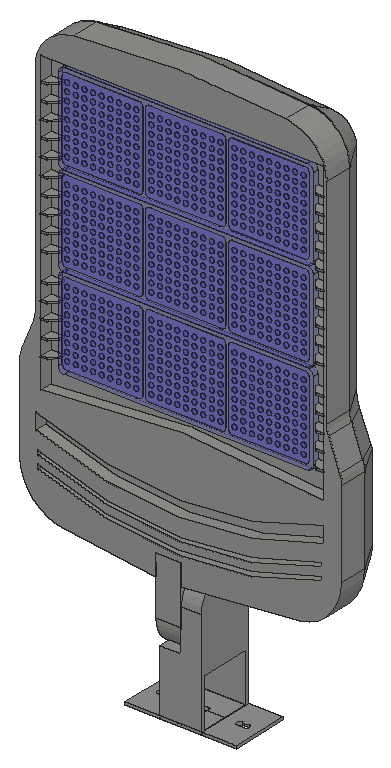
Revit family "VP-4-T", category Lighting Fixtures, host Face, Revit 2019 (continued)
Definition of nested family "SIZE4-T"
  Forms (in)
    Extrusion 49, solid, material <- "Glass"
      sketch origin (0.375, 0, -11.375) x (1, 0, 0) y (0, 0, 1)
        loop
          circle (-4.88455, 31.83694) r 0.15
        loop
          circle (-4.3658, 31.83694) r 0.15
        loop
          circle (-3.84705, 31.83694) r 0.15
        loop
          circle (-3.32831, 31.83694) r 0.15
        loop
          circle (-7.47829, 31.33694) r 0.15
        loop
          circle (-6.95955, 31.33694) r 0.15
        loop
          circle (-6.4408, 31.33694) r 0.15
        loop
          circle (-5.92205, 31.33694) r 0.15
        loop
          circle (-5.4033, 31.33694) r 0.15
        loop
          circle (-4.88455, 31.33694) r 0.15
        loop
          circle (-4.3658, 31.33694) r 0.15
        loop
          circle (-3.84705, 31.33694) r 0.15
        loop
          circle (-3.32831, 31.33694) r 0.15
        loop
          circle (-7.47829, 30.83694) r 0.15
        loop
          circle (-6.95955, 30.83694) r 0.15
        loop
          circle (-6.4408, 30.83694) r 0.15
        loop
          circle (-5.92205, 30.83694) r 0.15
        loop
          circle (-5.4033, 30.83694) r 0.15
        loop
          circle (-4.88455, 30.83694) r 0.15
        loop
          circle (-4.3658, 30.83694) r 0.15
        loop
          circle (-3.84705, 30.83694) r 0.15
        loop
          circle (-3.32831, 30.83694) r 0.15
        loop
          circle (-7.47829, 30.33694) r 0.15
        loop
          circle (-6.95955, 30.33694) r 0.15
        loop
          circle (-6.4408, 30.33694) r 0.15
        loop
          circle (-5.92205, 30.33694) r 0.15
        loop
          circle (-5.4033, 30.33694) r 0.15
        loop
          circle (-4.88455, 30.33694) r 0.15
        loop
          circle (-4.3658, 30.33694) r 0.15
        loop
          circle (-3.84705, 30.33694) r 0.15
        loop
          circle (-3.32831, 30.33694) r 0.15
        loop
          circle (-7.47829, 29.83694) r 0.15
        loop
          circle (-6.95955, 29.83694) r 0.15
        loop
          circle (-6.4408, 29.83694) r 0.15
        loop
          circle (-5.92205, 29.83694) r 0.15
        loop
          circle (-5.4033, 29.83694) r 0.15
        loop
          circle (-4.88455, 29.83694) r 0.15
        loop
          circle (-4.3658, 29.83694) r 0.15
        loop
          circle (-3.84705, 29.83694) r 0.15
        loop
          circle (-3.32831, 29.83694) r 0.15
        loop
          circle (-7.47829, 29.33694) r 0.15
        loop
          circle (-6.95955, 29.33694) r 0.15
        loop
          circle (-6.4408, 29.33694) r 0.15
        loop
          circle (-5.92205, 29.33694) r 0.15
        loop
          circle (-5.4033, 29.33694) r 0.15
        loop
          circle (-4.88455, 29.33694) r 0.15
        loop
          circle (-4.3658, 29.33694) r 0.15
        loop
          circle (-3.84705, 29.33694) r 0.15
        loop
          circle (-3.32831, 29.33694) r 0.15
        loop
          circle (-7.47829, 28.83694) r 0.15
        loop
          circle (-6.95955, 28.83694) r 0.15
        loop
          circle (-6.4408, 28.83694) r 0.15
        loop
          circle (-5.92205, 28.83694) r 0.15
        loop
          circle (-5.4033, 28.83694) r 0.15
        loop
          circle (-4.88455, 28.83694) r 0.15
        loop
          circle (-4.3658, 28.83694) r 0.15
        loop
          circle (-3.84705, 28.83694) r 0.15
        loop
          circle (-3.32831, 28.83694) r 0.15
        loop
          circle (-7.47829, 28.33694) r 0.15
        loop
          circle (-6.95955, 28.33694) r 0.15
        loop
          circle (-6.4408, 28.33694) r 0.15
        loop
          circle (-5.92205, 28.33694) r 0.15
        loop
          circle (-5.4033, 28.33694) r 0.15
        loop
          circle (-4.88455, 28.33694) r 0.15
        loop
          circle (-4.3658, 28.33694) r 0.15
        loop
          circle (-3.84705, 28.33694) r 0.15
        loop
          circle (-3.32831, 28.33694) r 0.15
      from 1.35 to 1.4
    Extrusion 50, solid, material <- "Glass"
      sketch origin (0, 0, -11.375) x (1, 0, 0) y (0, 0, 1)
        loop
          arc (-7.16655, 32.8409) -> (-7.34333, 32.76768) -> (-7.41655, 32.5909) r 0.25
          line (-7.41655, 32.5909) -> (-7.41655, 28.0909)
          arc (-7.41655, 28.0909) -> (-7.34333, 27.91412) -> (-7.16655, 27.8409) r 0.25
          line (-7.16655, 27.8409) -> (-2.81123, 27.8409)
          arc (-2.81123, 27.8409) -> (-2.63446, 27.91412) -> (-2.56123, 28.0909) r 0.25
          line (-2.56123, 28.0909) -> (-2.56123, 32.5909)
          arc (-2.56123, 32.5909) -> (-2.63446, 32.76768) -> (-2.81123, 32.8409) r 0.25
          line (-2.81123, 32.8409) -> (-7.16655, 32.8409)
      from 1.35 to 1.37213
    Extrusion 51, solid, material <- "Glass"
      sketch origin (-0.375, 0, -11.375) x (-1, 0, 0) y (0, 0, -1)
        loop
          circle (-7.47829, -32.33694) r 0.15
        loop
          circle (-6.95955, -32.33694) r 0.15
        loop
          circle (-6.4408, -32.33694) r 0.15
        loop
          circle (-5.92205, -32.33694) r 0.15
        loop
          circle (-5.4033, -32.33694) r 0.15
        loop
          circle (-4.88455, -32.33694) r 0.15
        loop
          circle (-4.3658, -32.33694) r 0.15
        loop
          circle (-3.84705, -32.33694) r 0.15
        loop
          circle (-3.32831, -32.33694) r 0.15
        loop
          circle (-7.47829, -31.83694) r 0.15
        loop
          circle (-6.95955, -31.83694) r 0.15
        loop
          circle (-6.4408, -31.83694) r 0.15
        loop
          circle (-5.92205, -31.83694) r 0.15
        loop
          circle (-5.4033, -31.83694) r 0.15
        loop
          circle (-4.88455, -31.83694) r 0.15
        loop
          circle (-4.3658, -31.83694) r 0.15
        loop
          circle (-3.84705, -31.83694) r 0.15
        loop
          circle (-3.32831, -31.83694) r 0.15
        loop
          circle (-7.47829, -31.33694) r 0.15
        loop
          circle (-6.95955, -31.33694) r 0.15
        loop
          circle (-6.4408, -31.33694) r 0.15
        loop
          circle (-5.92205, -31.33694) r 0.15
        loop
          circle (-5.4033, -31.33694) r 0.15
        loop
          circle (-4.88455, -31.33694) r 0.15
        loop
          circle (-4.3658, -31.33694) r 0.15
        loop
          circle (-3.84705, -31.33694) r 0.15
        loop
          circle (-3.32831, -31.33694) r 0.15
        loop
          circle (-7.47829, -30.83694) r 0.15
        loop
          circle (-6.95955, -30.83694) r 0.15
        loop
          circle (-6.4408, -30.83694) r 0.15
        loop
          circle (-5.92205, -30.83694) r 0.15
        loop
          circle (-5.4033, -30.83694) r 0.15
        loop
          circle (-4.88455, -30.83694) r 0.15
        loop
          circle (-4.3658, -30.83694) r 0.15
        loop
          circle (-3.84705, -30.83694) r 0.15
        loop
          circle (-3.32831, -30.83694) r 0.15
        loop
          circle (-7.47829, -30.33694) r 0.15
        loop
          circle (-6.95955, -30.33694) r 0.15
        loop
          circle (-6.4408, -30.33694) r 0.15
        loop
          circle (-5.92205, -30.33694) r 0.15
        loop
          circle (-5.4033, -30.33694) r 0.15
        loop
          circle (-4.88455, -30.33694) r 0.15
        loop
          circle (-4.3658, -30.33694) r 0.15
        loop
          circle (-3.84705, -30.33694) r 0.15
        loop
          circle (-3.32831, -30.33694) r 0.15
        loop
          circle (-7.47829, -29.83694) r 0.15
        loop
          circle (-6.95955, -29.83694) r 0.15
        loop
          circle (-6.4408, -29.83694) r 0.15
        loop
          circle (-5.92205, -29.83694) r 0.15
        loop
          circle (-5.4033, -29.83694) r 0.15
        loop
          circle (-4.88455, -29.83694) r 0.15
        loop
          circle (-4.3658, -29.83694) r 0.15
        loop
          circle (-3.84705, -29.83694) r 0.15
        loop
          circle (-3.32831, -29.83694) r 0.15
        loop
          circle (-7.47829, -29.33694) r 0.15
        loop
          circle (-6.95955, -29.33694) r 0.15
        loop
          circle (-6.4408, -29.33694) r 0.15
        loop
          circle (-5.92205, -29.33694) r 0.15
        loop
          circle (-5.4033, -29.33694) r 0.15
        loop
          circle (-4.88455, -29.33694) r 0.15
        loop
          circle (-4.3658, -29.33694) r 0.15
        loop
          circle (-3.84705, -29.33694) r 0.15
        loop
          circle (-3.32831, -29.33694) r 0.15
        loop
          circle (-7.47829, -28.83694) r 0.15
        loop
          circle (-6.95955, -28.83694) r 0.15
        loop
          circle (-6.4408, -28.83694) r 0.15
        loop
          circle (-5.92205, -28.83694) r 0.15
        loop
          circle (-5.4033, -28.83694) r 0.15
        loop
          circle (-4.88455, -28.83694) r 0.15
        loop
          circle (-4.3658, -28.83694) r 0.15
        loop
          circle (-3.84705, -28.83694) r 0.15
        loop
          circle (-3.32831, -28.83694) r 0.15
        loop
          circle (-7.47829, -28.33694) r 0.15
        loop
          circle (-6.95955, -28.33694) r 0.15
        loop
          circle (-6.4408, -28.33694) r 0.15
        loop
          circle (-5.92205, -28.33694) r 0.15
        loop
          circle (-5.4033, -28.33694) r 0.15
        loop
          circle (-4.88455, -28.33694) r 0.15
        loop
          circle (-4.3658, -28.33694) r 0.15
        loop
          circle (-3.84705, -28.33694) r 0.15
        loop
          circle (-3.32831, -28.33694) r 0.15
      from 1.35 to 1.4
    Extrusion 52, solid, material <- "Glass"
      sketch origin (0, 0, -11.375) x (-1, 0, 0) y (0, 0, -1)
        loop
          line (-7.16655, -32.8409) -> (-2.84181, -32.8409)
          arc (-2.84181, -32.8409) -> (-2.66504, -32.76768) -> (-2.59181, -32.5909) r 0.25
          line (-2.59181, -32.5909) -> (-2.59181, -28.0909)
          arc (-2.59181, -28.0909) -> (-2.66504, -27.91412) -> (-2.84181, -27.8409) r 0.25
          line (-2.84181, -27.8409) -> (-7.16655, -27.8409)
          arc (-7.16655, -27.8409) -> (-7.34333, -27.91412) -> (-7.41655, -28.0909) r 0.25
          line (-7.41655, -28.0909) -> (-7.41655, -32.5909)
          arc (-7.41655, -32.5909) -> (-7.34333, -32.76768) -> (-7.16655, -32.8409) r 0.25
      from 1.35 to 1.37213
    Extrusion 53, solid, material <- "Glass"
      sketch origin (-5.375, 0, -11.375) x (-1, 0, 0) y (0, 0, -1)
        loop
          circle (-7.47829, -32.33694) r 0.15
        loop
          circle (-6.95955, -32.33694) r 0.15
        loop
          circle (-6.4408, -32.33694) r 0.15
        loop
          circle (-5.92205, -32.33694) r 0.15
        loop
          circle (-5.4033, -32.33694) r 0.15
        loop
          circle (-4.88455, -32.33694) r 0.15
        loop
          circle (-4.3658, -32.33694) r 0.15
        loop
          circle (-3.84705, -32.33694) r 0.15
        loop
          circle (-3.32831, -32.33694) r 0.15
        loop
          circle (-7.47829, -31.83694) r 0.15
        loop
          circle (-6.95955, -31.83694) r 0.15
        loop
          circle (-6.4408, -31.83694) r 0.15
        loop
          circle (-5.92205, -31.83694) r 0.15
        loop
          circle (-5.4033, -31.83694) r 0.15
        loop
          circle (-4.88455, -31.83694) r 0.15
        loop
          circle (-4.3658, -31.83694) r 0.15
        loop
          circle (-3.84705, -31.83694) r 0.15
        loop
          circle (-3.32831, -31.83694) r 0.15
        loop
          circle (-7.47829, -31.33694) r 0.15
        loop
          circle (-6.95955, -31.33694) r 0.15
        loop
          circle (-6.4408, -31.33694) r 0.15
        loop
          circle (-5.92205, -31.33694) r 0.15
        loop
          circle (-5.4033, -31.33694) r 0.15
        loop
          circle (-4.88455, -31.33694) r 0.15
        loop
          circle (-4.3658, -31.33694) r 0.15
        loop
          circle (-3.84705, -31.33694) r 0.15
        loop
          circle (-3.32831, -31.33694) r 0.15
        loop
          circle (-7.47829, -30.83694) r 0.15
        loop
          circle (-6.95955, -30.83694) r 0.15
        loop
          circle (-6.4408, -30.83694) r 0.15
        loop
          circle (-5.92205, -30.83694) r 0.15
        loop
          circle (-5.4033, -30.83694) r 0.15
        loop
          circle (-4.88455, -30.83694) r 0.15
        loop
          circle (-4.3658, -30.83694) r 0.15
        loop
          circle (-3.84705, -30.83694) r 0.15
        loop
          circle (-3.32831, -30.83694) r 0.15
        loop
          circle (-7.47829, -30.33694) r 0.15
        loop
          circle (-6.95955, -30.33694) r 0.15
        loop
          circle (-6.4408, -30.33694) r 0.15
        loop
          circle (-5.92205, -30.33694) r 0.15
        loop
          circle (-5.4033, -30.33694) r 0.15
        loop
          circle (-4.88455, -30.33694) r 0.15
        loop
          circle (-4.3658, -30.33694) r 0.15
        loop
          circle (-3.84705, -30.33694) r 0.15
        loop
          circle (-3.32831, -30.33694) r 0.15
        loop
          circle (-7.47829, -29.83694) r 0.15
        loop
          circle (-6.95955, -29.83694) r 0.15
        loop
          circle (-6.4408, -29.83694) r 0.15
        loop
          circle (-5.92205, -29.83694) r 0.15
        loop
          circle (-5.4033, -29.83694) r 0.15
        loop
          circle (-4.88455, -29.83694) r 0.15
        loop
          circle (-4.3658, -29.83694) r 0.15
        loop
          circle (-3.84705, -29.83694) r 0.15
        loop
          circle (-3.32831, -29.83694) r 0.15
        loop
          circle (-7.47829, -29.33694) r 0.15
        loop
          circle (-6.95955, -29.33694) r 0.15
        loop
          circle (-6.4408, -29.33694) r 0.15
        loop
          circle (-5.92205, -29.33694) r 0.15
        loop
          circle (-5.4033, -29.33694) r 0.15
        loop
          circle (-4.88455, -29.33694) r 0.15
        loop
          circle (-4.3658, -29.33694) r 0.15
        loop
          circle (-3.84705, -29.33694) r 0.15
        loop
          circle (-3.32831, -29.33694) r 0.15
        loop
          circle (-7.47829, -28.83694) r 0.15
        loop
          circle (-6.95955, -28.83694) r 0.15
        loop
          circle (-6.4408, -28.83694) r 0.15
        loop
          circle (-5.92205, -28.83694) r 0.15
        loop
          circle (-5.4033, -28.83694) r 0.15
        loop
          circle (-4.88455, -28.83694) r 0.15
        loop
          circle (-4.3658, -28.83694) r 0.15
        loop
          circle (-3.84705, -28.83694) r 0.15
        loop
          circle (-3.32831, -28.83694) r 0.15
        loop
          circle (-7.47829, -28.33694) r 0.15
        loop
          circle (-6.95955, -28.33694) r 0.15
        loop
          circle (-6.4408, -28.33694) r 0.15
        loop
          circle (-5.92205, -28.33694) r 0.15
        loop
          circle (-5.4033, -28.33694) r 0.15
        loop
          circle (-4.88455, -28.33694) r 0.15
        loop
          circle (-4.3658, -28.33694) r 0.15
        loop
          circle (-3.84705, -28.33694) r 0.15
        loop
          circle (-3.32831, -28.33694) r 0.15
      from 1.35 to 1.4
    Extrusion 54, solid, material <- "Glass"
      sketch origin (-5, 0, -11.375) x (-1, 0, 0) y (0, 0, -1)
        loop
          line (-7.16655, -32.8409) -> (-2.84181, -32.8409)
          arc (-2.84181, -32.8409) -> (-2.66504, -32.76768) -> (-2.59181, -32.5909) r 0.25
          line (-2.59181, -32.5909) -> (-2.59181, -28.0909)
          arc (-2.59181, -28.0909) -> (-2.66504, -27.91412) -> (-2.84181, -27.8409) r 0.25
          line (-2.84181, -27.8409) -> (-7.16655, -27.8409)
          arc (-7.16655, -27.8409) -> (-7.34333, -27.91412) -> (-7.41655, -28.0909) r 0.25
          line (-7.41655, -28.0909) -> (-7.41655, -32.5909)
          arc (-7.41655, -32.5909) -> (-7.34333, -32.76768) -> (-7.16655, -32.8409) r 0.25
      from 1.35 to 1.37213
    Extrusion 55, solid, material <- "Fixture"
      sketch origin (0.125, 0, 2.5) x (1, 0, 0) y (0, 0, 1)
        loop
          arc (8.61601, 29.87811) -> (7.91353, 31.61742) -> (6.20018, 32.38102) r 2.50448
          arc (6.20018, 32.38102) -> (-0.18326, 32.81078) -> (-6.56625, 32.37421) r 47.24839
          arc (-6.56625, 32.37421) -> (-8.20342, 31.57512) -> (-8.86601, 29.87811) r 2.50448
          line (-8.86601, 29.87811) -> (-8.86601, 16.83541)
          arc (-8.86601, 16.83541) -> (-8.89448, 16.52871) -> (-8.97892, 16.2325) r 1.66606
          line (-8.97892, 16.2325) -> (-9.6766, 14.43524)
          arc (-9.6766, 14.43524) -> (-9.74427, 14.21755) -> (-9.78142, 13.99263) r 1.65645
          line (-9.78142, 13.99263) -> (-9.78142, 8.65741)
          arc (-9.78142, 8.65741) -> (-8.97209, 6.60779) -> (-6.98078, 5.66404) r 3
          arc (-6.98078, 5.66404) -> (0.01001, 4.99965) -> (7.00057, 5.66642) r 37.04471
          arc (7.00057, 5.66642) -> (8.81758, 6.67941) -> (9.53886, 8.63067) r 3
          line (9.53886, 8.63067) -> (9.53886, 13.83581)
          arc (9.53886, 13.83581) -> (9.51055, 14.14073) -> (9.4266, 14.43524) r 1.65645
          line (9.4266, 14.43524) -> (8.72892, 16.2325)
          arc (8.72892, 16.2325) -> (8.64448, 16.52871) -> (8.61601, 16.83541) r 1.66606
          line (8.61601, 16.83541) -> (8.61601, 29.87811)
      from 0 to 1.74
    Blend 56, solid, material <- "Fixture"
      base sketch origin (0, 0, 0) x (1, 0, 0) y (0, 0, 1)
        loop
          arc (-9.5516, 16.93524) -> (-9.61927, 16.71755) -> (-9.65642, 16.49263) r 1.65645
          line (-9.65642, 16.49263) -> (-9.65642, 11.15741)
          arc (-9.65642, 11.15741) -> (-8.84709, 9.10779) -> (-6.85578, 8.16404) r 3
          arc (-6.85578, 8.16404) -> (0.13501, 7.49965) -> (7.12557, 8.16642) r 37.04471
          arc (7.12557, 8.16642) -> (8.94258, 9.17941) -> (9.66386, 11.13067) r 3
          line (9.66386, 11.13067) -> (9.66386, 16.33581)
          arc (9.66386, 16.33581) -> (9.63555, 16.64073) -> (9.5516, 16.93524) r 1.65645
          line (9.5516, 16.93524) -> (8.85392, 18.7325)
          arc (8.85392, 18.7325) -> (8.76948, 19.02871) -> (8.74101, 19.33541) r 1.66606
          line (8.74101, 19.33541) -> (8.74101, 32.37811)
          arc (8.74101, 32.37811) -> (8.03853, 34.11742) -> (6.32518, 34.88102) r 2.50448
          arc (6.32518, 34.88102) -> (-0.05826, 35.31078) -> (-6.44125, 34.87421) r 47.24839
          arc (-6.44125, 34.87421) -> (-8.07842, 34.07512) -> (-8.74101, 32.37811) r 2.50448
          line (-8.74101, 32.37811) -> (-8.74101, 19.33541)
          arc (-8.74101, 19.33541) -> (-8.76948, 19.02871) -> (-8.85392, 18.7325) r 1.66606
          line (-8.85392, 18.7325) -> (-9.5516, 16.93524)
      top sketch origin (0, 0, 0) x (1, 0, 0) y (0, 0, 1)
        loop
          line (-8.65642, 16.43436) -> (-8.65642, 11.15741)
          arc (-8.65642, 11.15741) -> (-8.09764, 9.77073) -> (-6.73353, 9.1589) r 2
          arc (-6.73353, 9.1589) -> (0.1108, 8.49965) -> (6.95577, 9.15209) r 36.04471
          arc (6.95577, 9.15209) -> (8.17777, 9.82373) -> (8.66386, 11.13067) r 2
          line (8.66386, 11.13067) -> (8.66386, 16.33581)
          arc (8.66386, 16.33581) -> (8.65264, 16.45665) -> (8.61937, 16.57336) r 0.65645
          line (8.61937, 16.57336) -> (7.9217, 18.37062)
          arc (7.9217, 18.37062) -> (7.78657, 18.84463) -> (7.74101, 19.33541) r 2.66606
          line (7.74101, 19.33541) -> (7.74101, 32.37811)
          arc (7.74101, 32.37811) -> (7.3037, 33.43858) -> (6.246, 33.88256) r 1.50448
          arc (6.246, 33.88256) -> (-0.04498, 34.31079) -> (-6.33575, 33.87932) r 46.24839
          arc (-6.33575, 33.87932) -> (-7.33487, 33.40626) -> (-7.74101, 32.37811) r 1.50448
          line (-7.74101, 32.37811) -> (-7.74101, 19.33541)
          arc (-7.74101, 19.33541) -> (-7.78657, 18.84463) -> (-7.9217, 18.37062) r 2.66606
          line (-7.9217, 18.37062) -> (-8.61937, 16.57336)
          arc (-8.61937, 16.57336) -> (-8.64172, 16.50488) -> (-8.65642, 16.43436) r 0.65645
      from 0 to -1.74
    Extrusion 57, solid, material <- "Fixture"
      sketch origin (0, 0, 0) x (0, 1, 0) y (0, 0, 1)
        loop
          line (1.74, 0) -> (1.74, 6.43918)
          arc (1.74, 6.43918) -> (0, 8.17918) -> (-1.74, 6.43918) r 1.74
          line (-1.74, 6.43918) -> (-1.74, 0) -> (1.74, 0)
      from -1.24 to 1.24
    Extrusion 58, solid, material <- "Fixture"
      sketch origin (0, 0, 0) x (0, 1, 0) y (0, 0, 1)
        loop
          line (1.74, 8.81429) -> (-1.74, 8.81429) -> (-1.74, 5.31429)
          arc (-1.74, 5.31429) -> (0, 3.57429) -> (1.74, 5.31429) r 1.74
          line (1.74, 5.31429) -> (1.74, 8.81429)
      from -1.5 to 0
    Extrusion 59, void
      sketch origin (0, 0, 0) x (1, 0, 0) y (0, 0, 1)
        loop
          line (-1.5, 8.3) -> (-1.5, 3.90812) -> (0, 3.90812) -> (0, 8.3) -> (-1.5, 8.3)
      from -1.84653 to 1.9488
    Extrusion 60, void
      sketch origin (0, 0, 0) x (0, 1, 0) y (0, 0, 1)
        loop
          line (1.58669, 3.10901) -> (0, 3.10901) -> (-1.58669, 3.10901) -> (-1.58669, 0.14528) -> (0, 0.14528) -> (1.58669, 0.14528) -> (1.58669, 3.10901)
      from -1.5 to 1.75
    Extrusion 61, solid, material <- "Fixture"
      sketch origin (0, 0, 0) x (1, 0, 0) y (0, 1, 0)
        loop
          line (-3.35412, 1.74) -> (-3.35412, -1.74) -> (0, -1.74) -> (3.35412, -1.74) -> (3.35412, 1.74) -> (0, 1.74) -> (-3.35412, 1.74)
        loop
          arc (-2.58546, 0.1829) -> (-2.78788, -0.01952) -> (-2.58546, -0.22194) r 0.20242
          line (-2.58546, -0.22194) -> (-2.19338, -0.22194)
          arc (-2.19338, -0.22194) -> (-1.99096, -0.01952) -> (-2.19338, 0.1829) r 0.20242
          line (-2.19338, 0.1829) -> (-2.58546, 0.1829)
        loop
          line (2.58546, 0.1829) -> (2.19338, 0.1829)
          arc (2.19338, 0.1829) -> (1.99096, -0.01952) -> (2.19338, -0.22194) r 0.20242
          line (2.19338, -0.22194) -> (2.58546, -0.22194)
          arc (2.58546, -0.22194) -> (2.78788, -0.01952) -> (2.58546, 0.1829) r 0.20242
        loop
          line (-1.24, 1.58669) -> (-1.24, -1.58669) -> (1.24, -1.58669) -> (1.24, 1.58669) -> (-1.24, 1.58669)
      from 0 to 0.14528
    Extrusion 62, void
      sketch origin (0, 0, 0) x (1, 0, 0) y (0, 1, 0)
        loop
          circle (0, 0) r 0.25
      from 0 to 1.75
  Cuts and joins
    Extrusion 2, Extrusion 40, Extrusion 59 cuts Extrusion 55
    Extrusion 59 cuts Blend 56
    Extrusion 59, Extrusion 60, Extrusion 62 cuts Extrusion 57
    Extrusion 60 cuts Extrusion 61
  Dimensions and locks (in)
    equal spacing: plane 4, plane 3 "Center (Left/Right)", plane 5
    "Width": plane 4 to plane 5
    "Length": plane 7 to plane 6
    "Mount Length": plane 6 to plane 2
    aligned and locked: plane 2 to Extrusion 1
    aligned and locked: level to Extrusion 1
  Automatic sketch dimensions
    Extrusion 1 sketch curve to Extrusion 1 sketch curve = 96.00"  (x2)
    plane 5 to Extrusion 2 sketch curve = 1.40392"
    plane 3 "Center (Left/Right)" to Extrusion 2 sketch curve = 0.06506"
    Extrusion 2 sketch curve to plane 4 = 1.25"
    Extrusion 2 sketch curve to level = 39.4018"
    plane 6 to Extrusion 2 sketch curve = 7.65635"
    Extrusion 2 sketch curve to plane 7 = 2.31818"
    plane 5 to Extrusion 3 sketch curve = 2.15013"
    Extrusion 3 sketch curve to Extrusion 3 sketch curve = 0.35"  (x3)
    Extrusion 3 sketch curve to plane 4 = 2.50013"  (x2)
    Extrusion 3 sketch curve to plane 7 = 8.31818"
    Extrusion 3 sketch curve to plane 7 = 3.16818"
    plane 5 to Extrusion 4 sketch curve = 2.70671"
    Extrusion 4 sketch curve to Extrusion 4 sketch curve = 0.00"  (x61)
    Extrusion 4 sketch curve to Extrusion 4 sketch curve = 0.51875"  (x27)
    Extrusion 4 sketch curve to plane 7 = 7.51806"
    Extrusion 4 sketch curve to Extrusion 4 sketch curve = 0.50"  (x72)
    plane 5 to Extrusion 5 sketch curve = 2.39345"
    Extrusion 5 sketch curve to Extrusion 5 sketch curve = 0.25"  (x3)
    Extrusion 5 sketch curve to plane 3 "Center (Left/Right)" = 2.81123"  (x2)
    Extrusion 5 sketch curve to plane 7 = 8.0141"
    Extrusion 5 sketch curve to plane 7 = 3.2641"
    Extrusion 6 sketch curve to plane 4 = 2.12307"
    Extrusion 6 sketch curve to plane 8 = 0.46661"
    Extrusion 6 sketch curve to Extrusion 6 sketch curve = 0.02618"
    Extrusion 6 sketch curve to Extrusion 6 sketch curve = 0.1119"
    Extrusion 6 sketch curve to plane 8 = 0.03691"
    Extrusion 6 sketch curve to Extrusion 6 sketch curve = 0.36056"
    Extrusion 6 sketch curve to plane 8 = 0.00781"
    Extrusion 6 sketch curve to Extrusion 6 sketch curve = 0.06241"
    Extrusion 6 sketch curve to Extrusion 6 sketch curve = 0.42393"
    Extrusion 6 sketch curve to Extrusion 6 sketch curve = 0.73219"
    plane 4 to Extrusion 7 sketch curve = 2.70671"
    Extrusion 7 sketch curve to Extrusion 7 sketch curve = 0.00"  (x61)
    Extrusion 7 sketch curve to Extrusion 7 sketch curve = 0.51875"  (x27)
    plane 7 to Extrusion 7 sketch curve = 7.51806"
    Extrusion 7 sketch curve to Extrusion 7 sketch curve = 0.50"  (x72)
    plane 4 to Extrusion 8 sketch curve = 2.39345"
    Extrusion 8 sketch curve to Extrusion 8 sketch curve = 0.25"  (x3)
    Extrusion 8 sketch curve to plane 3 "Center (Left/Right)" = 2.84181"  (x2)
    plane 7 to Extrusion 8 sketch curve = 8.0141"
    plane 7 to Extrusion 8 sketch curve = 3.2641"
    plane 5 to Extrusion 9 sketch curve = 2.15013"
    Extrusion 9 sketch curve to Extrusion 9 sketch curve = 0.35"  (x3)
    Extrusion 9 sketch curve to plane 4 = 2.50013"  (x2)
    Extrusion 9 sketch curve to plane 7 = 13.81818"
    Extrusion 9 sketch curve to Extrusion 9 sketch curve = 4.80"
    Extrusion 10 sketch curve to plane 5 = 2.15013"
    Extrusion 10 sketch curve to Extrusion 10 sketch curve = 0.35"  (x3)
    plane 4 to Extrusion 10 sketch curve = 2.50013"  (x2)
    plane 7 to Extrusion 10 sketch curve = 13.81818"
    Extrusion 10 sketch curve to Extrusion 10 sketch curve = 4.80"
    Extrusion 11 sketch curve to plane 4 = 2.12307"
    Extrusion 11 sketch curve to plane 8 = 0.46661"
    Extrusion 11 sketch curve to Extrusion 11 sketch curve = 0.02618"
    Extrusion 11 sketch curve to Extrusion 11 sketch curve = 0.1119"
    Extrusion 11 sketch curve to plane 8 = 0.03691"
    Extrusion 11 sketch curve to Extrusion 11 sketch curve = 0.36056"
    Extrusion 11 sketch curve to plane 8 = 0.00781"
    Extrusion 11 sketch curve to Extrusion 11 sketch curve = 0.06241"
    Extrusion 11 sketch curve to Extrusion 11 sketch curve = 0.42393"
    Extrusion 11 sketch curve to Extrusion 11 sketch curve = 0.73219"
    Extrusion 12 sketch curve to plane 4 = 2.12307"
    Extrusion 12 sketch curve to plane 8 = 0.46661"
    Extrusion 12 sketch curve to Extrusion 12 sketch curve = 0.02618"
    Extrusion 12 sketch curve to Extrusion 12 sketch curve = 0.1119"
    Extrusion 12 sketch curve to plane 8 = 0.03691"
    Extrusion 12 sketch curve to Extrusion 12 sketch curve = 0.36056"
    Extrusion 12 sketch curve to plane 8 = 0.00781"
    Extrusion 12 sketch curve to Extrusion 12 sketch curve = 0.06241"
    Extrusion 12 sketch curve to Extrusion 12 sketch curve = 0.42393"
    Extrusion 12 sketch curve to Extrusion 12 sketch curve = 0.73219"
    Extrusion 13 sketch curve to plane 4 = 2.12307"
    Extrusion 13 sketch curve to plane 8 = 0.46661"
    Extrusion 13 sketch curve to Extrusion 13 sketch curve = 0.02618"
    Extrusion 13 sketch curve to Extrusion 13 sketch curve = 0.08572"
    Extrusion 13 sketch curve to plane 8 = 0.03691"
    Extrusion 13 sketch curve to Extrusion 13 sketch curve = 0.36056"
    Extrusion 13 sketch curve to plane 8 = 0.00781"
    Extrusion 13 sketch curve to Extrusion 13 sketch curve = 0.06241"
    Extrusion 13 sketch curve to Extrusion 13 sketch curve = 0.42393"
    Extrusion 13 sketch curve to Extrusion 13 sketch curve = 0.73219"
    Extrusion 14 sketch curve to plane 4 = 2.12307"
    Extrusion 14 sketch curve to plane 8 = 0.46661"
    Extrusion 14 sketch curve to Extrusion 14 sketch curve = 0.02618"
    Extrusion 14 sketch curve to Extrusion 14 sketch curve = 0.1119"
    Extrusion 14 sketch curve to plane 8 = 0.03691"
    Extrusion 14 sketch curve to Extrusion 14 sketch curve = 0.36056"
    Extrusion 14 sketch curve to plane 8 = 0.00781"
    Extrusion 14 sketch curve to Extrusion 14 sketch curve = 0.06241"
    Extrusion 14 sketch curve to Extrusion 14 sketch curve = 0.42393"
    Extrusion 14 sketch curve to Extrusion 14 sketch curve = 0.73219"
    Extrusion 15 sketch curve to plane 4 = 2.12307"
    Extrusion 15 sketch curve to plane 8 = 0.46661"
    Extrusion 15 sketch curve to Extrusion 15 sketch curve = 0.02618"
    Extrusion 15 sketch curve to Extrusion 15 sketch curve = 0.1119"
    Extrusion 15 sketch curve to plane 8 = 0.03691"
    Extrusion 15 sketch curve to Extrusion 15 sketch curve = 0.36056"
    Extrusion 15 sketch curve to plane 8 = 0.00781"
    Extrusion 15 sketch curve to Extrusion 15 sketch curve = 0.06241"
    Extrusion 15 sketch curve to Extrusion 15 sketch curve = 0.42393"
    Extrusion 15 sketch curve to Extrusion 15 sketch curve = 0.73219"
    Extrusion 16 sketch curve to plane 4 = 2.12307"
    Extrusion 16 sketch curve to plane 8 = 0.46661"
    Extrusion 16 sketch curve to Extrusion 16 sketch curve = 0.02618"
    Extrusion 16 sketch curve to Extrusion 16 sketch curve = 0.1119"
    Extrusion 16 sketch curve to plane 8 = 0.03691"
    Extrusion 16 sketch curve to Extrusion 16 sketch curve = 0.36056"
    Extrusion 16 sketch curve to plane 8 = 0.00781"
    Extrusion 16 sketch curve to Extrusion 16 sketch curve = 0.06241"
    Extrusion 16 sketch curve to Extrusion 16 sketch curve = 0.42393"
    Extrusion 16 sketch curve to Extrusion 16 sketch curve = 0.73219"
    Extrusion 17 sketch curve to plane 4 = 2.12307"
    Extrusion 17 sketch curve to plane 8 = 0.46661"
    Extrusion 17 sketch curve to Extrusion 17 sketch curve = 0.02618"
    Extrusion 17 sketch curve to Extrusion 17 sketch curve = 0.1119"
    Extrusion 17 sketch curve to plane 8 = 0.03691"
    Extrusion 17 sketch curve to Extrusion 17 sketch curve = 0.36056"
    Extrusion 17 sketch curve to plane 8 = 0.00781"
    Extrusion 17 sketch curve to Extrusion 17 sketch curve = 0.06241"
    Extrusion 17 sketch curve to Extrusion 17 sketch curve = 0.42393"
    Extrusion 17 sketch curve to Extrusion 17 sketch curve = 0.73219"
    Extrusion 18 sketch curve to plane 4 = 2.12307"
    Extrusion 18 sketch curve to plane 8 = 0.46661"
    Extrusion 18 sketch curve to Extrusion 18 sketch curve = 0.02618"
    Extrusion 18 sketch curve to Extrusion 18 sketch curve = 0.1119"
    Extrusion 18 sketch curve to plane 8 = 0.03691"
    Extrusion 18 sketch curve to Extrusion 18 sketch curve = 0.36056"
    Extrusion 18 sketch curve to plane 8 = 0.00781"
    Extrusion 18 sketch curve to Extrusion 18 sketch curve = 0.06241"
    Extrusion 18 sketch curve to Extrusion 18 sketch curve = 0.42393"
    Extrusion 18 sketch curve to Extrusion 18 sketch curve = 0.73219"
    Extrusion 19 sketch curve to plane 4 = 2.12307"
    Extrusion 19 sketch curve to plane 8 = 0.46661"
    Extrusion 19 sketch curve to Extrusion 19 sketch curve = 0.02618"
    Extrusion 19 sketch curve to Extrusion 19 sketch curve = 0.1119"
    Extrusion 19 sketch curve to plane 8 = 0.03691"
    Extrusion 19 sketch curve to Extrusion 19 sketch curve = 0.36056"
    Extrusion 19 sketch curve to plane 8 = 0.00781"
    Extrusion 19 sketch curve to Extrusion 19 sketch curve = 0.06241"
    Extrusion 19 sketch curve to Extrusion 19 sketch curve = 0.42393"
    Extrusion 19 sketch curve to Extrusion 19 sketch curve = 0.73219"
    Extrusion 20 sketch curve to plane 4 = 2.12307"
    Extrusion 20 sketch curve to plane 8 = 0.46661"
    Extrusion 20 sketch curve to Extrusion 20 sketch curve = 0.02618"
    Extrusion 20 sketch curve to Extrusion 20 sketch curve = 0.1119"
    Extrusion 20 sketch curve to plane 8 = 0.03691"
    Extrusion 20 sketch curve to Extrusion 20 sketch curve = 0.36056"
    Extrusion 20 sketch curve to plane 8 = 0.00781"
    Extrusion 20 sketch curve to Extrusion 20 sketch curve = 0.06241"
    Extrusion 20 sketch curve to Extrusion 20 sketch curve = 0.42393"
    Extrusion 20 sketch curve to Extrusion 20 sketch curve = 0.73219"
    Extrusion 21 sketch curve to plane 4 = 2.12307"
    Extrusion 21 sketch curve to plane 8 = 0.46661"
    Extrusion 21 sketch curve to Extrusion 21 sketch curve = 0.02618"
    Extrusion 21 sketch curve to Extrusion 21 sketch curve = 0.08572"
    Extrusion 21 sketch curve to plane 8 = 0.03691"
    Extrusion 21 sketch curve to Extrusion 21 sketch curve = 0.36056"
    Extrusion 21 sketch curve to plane 8 = 0.00781"
    Extrusion 21 sketch curve to Extrusion 21 sketch curve = 0.06241"
    Extrusion 21 sketch curve to Extrusion 21 sketch curve = 0.42393"
    Extrusion 21 sketch curve to Extrusion 21 sketch curve = 0.73219"
    Extrusion 22 sketch curve to plane 4 = 2.12307"
    Extrusion 22 sketch curve to plane 8 = 0.46661"
    Extrusion 22 sketch curve to Extrusion 22 sketch curve = 0.02618"
    Extrusion 22 sketch curve to Extrusion 22 sketch curve = 0.1119"
    Extrusion 22 sketch curve to plane 8 = 0.03691"
    Extrusion 22 sketch curve to Extrusion 22 sketch curve = 0.36056"
    Extrusion 22 sketch curve to plane 8 = 0.00781"
    Extrusion 22 sketch curve to Extrusion 22 sketch curve = 0.06241"
    Extrusion 22 sketch curve to Extrusion 22 sketch curve = 0.42393"
    Extrusion 22 sketch curve to Extrusion 22 sketch curve = 0.73219"
    Extrusion 23 sketch curve to plane 4 = 2.12307"
    Extrusion 23 sketch curve to plane 8 = 0.46661"
    Extrusion 23 sketch curve to Extrusion 23 sketch curve = 0.02618"
    Extrusion 23 sketch curve to Extrusion 23 sketch curve = 0.08572"
    Extrusion 23 sketch curve to plane 8 = 0.03691"
    Extrusion 23 sketch curve to Extrusion 23 sketch curve = 0.36056"
    Extrusion 23 sketch curve to plane 8 = 0.00781"
    Extrusion 23 sketch curve to Extrusion 23 sketch curve = 0.06241"
    Extrusion 23 sketch curve to Extrusion 23 sketch curve = 0.42393"
    Extrusion 23 sketch curve to Extrusion 23 sketch curve = 0.73219"
    Extrusion 24 sketch curve to plane 4 = 2.12307"
    Extrusion 24 sketch curve to plane 8 = 0.46661"
    Extrusion 24 sketch curve to Extrusion 24 sketch curve = 0.02618"
    Extrusion 24 sketch curve to Extrusion 24 sketch curve = 0.1119"
    Extrusion 24 sketch curve to plane 8 = 0.03691"
    Extrusion 24 sketch curve to Extrusion 24 sketch curve = 0.36056"
    Extrusion 24 sketch curve to plane 8 = 0.00781"
    Extrusion 24 sketch curve to Extrusion 24 sketch curve = 0.06241"
    Extrusion 24 sketch curve to Extrusion 24 sketch curve = 0.42393"
    Extrusion 24 sketch curve to Extrusion 24 sketch curve = 0.73219"
    plane 5 to Extrusion 25 sketch curve = 2.2012"
    Extrusion 25 sketch curve to plane 8 = 0.46661"
    Extrusion 25 sketch curve to Extrusion 25 sketch curve = 0.02618"
    Extrusion 25 sketch curve to Extrusion 25 sketch curve = 0.1119"
    Extrusion 25 sketch curve to plane 8 = 0.03691"
    Extrusion 25 sketch curve to Extrusion 25 sketch curve = 0.36056"
    Extrusion 25 sketch curve to plane 8 = 0.00781"
    Extrusion 25 sketch curve to Extrusion 25 sketch curve = 0.06241"
    Extrusion 25 sketch curve to Extrusion 25 sketch curve = 0.42393"
    Extrusion 25 sketch curve to Extrusion 25 sketch curve = 0.20146"
    plane 5 to Extrusion 26 sketch curve = 2.2012"
    Extrusion 26 sketch curve to plane 8 = 0.46661"
    Extrusion 26 sketch curve to Extrusion 26 sketch curve = 0.02618"
    Extrusion 26 sketch curve to Extrusion 26 sketch curve = 0.08572"
    Extrusion 26 sketch curve to plane 8 = 0.03691"
    Extrusion 26 sketch curve to Extrusion 26 sketch curve = 0.36056"
    Extrusion 26 sketch curve to plane 8 = 0.00781"
    Extrusion 26 sketch curve to Extrusion 26 sketch curve = 0.06241"
    Extrusion 26 sketch curve to Extrusion 26 sketch curve = 0.42393"
    Extrusion 26 sketch curve to Extrusion 26 sketch curve = 0.20146"
    plane 5 to Extrusion 27 sketch curve = 2.2012"
    Extrusion 27 sketch curve to plane 8 = 0.46661"
    Extrusion 27 sketch curve to Extrusion 27 sketch curve = 0.02618"
    Extrusion 27 sketch curve to Extrusion 27 sketch curve = 0.08572"
    Extrusion 27 sketch curve to plane 8 = 0.03691"
    Extrusion 27 sketch curve to Extrusion 27 sketch curve = 0.36056"
    Extrusion 27 sketch curve to plane 8 = 0.00781"
    Extrusion 27 sketch curve to Extrusion 27 sketch curve = 0.06241"
    Extrusion 27 sketch curve to Extrusion 27 sketch curve = 0.42393"
    Extrusion 27 sketch curve to Extrusion 27 sketch curve = 0.20146"
    plane 5 to Extrusion 28 sketch curve = 2.2012"
    Extrusion 28 sketch curve to plane 8 = 0.46661"
    Extrusion 28 sketch curve to Extrusion 28 sketch curve = 0.02618"
    Extrusion 28 sketch curve to Extrusion 28 sketch curve = 0.1119"
    Extrusion 28 sketch curve to plane 8 = 0.03691"
    Extrusion 28 sketch curve to Extrusion 28 sketch curve = 0.36056"
    Extrusion 28 sketch curve to plane 8 = 0.00781"
    Extrusion 28 sketch curve to Extrusion 28 sketch curve = 0.06241"
    Extrusion 28 sketch curve to Extrusion 28 sketch curve = 0.42393"
    Extrusion 28 sketch curve to Extrusion 28 sketch curve = 0.20146"
    plane 5 to Extrusion 29 sketch curve = 2.2012"
    Extrusion 29 sketch curve to plane 8 = 0.46661"
    Extrusion 29 sketch curve to Extrusion 29 sketch curve = 0.02618"
    Extrusion 29 sketch curve to Extrusion 29 sketch curve = 0.1119"
    Extrusion 29 sketch curve to plane 8 = 0.03691"
    Extrusion 29 sketch curve to Extrusion 29 sketch curve = 0.36056"
    Extrusion 29 sketch curve to plane 8 = 0.00781"
    Extrusion 29 sketch curve to Extrusion 29 sketch curve = 0.06241"
    Extrusion 29 sketch curve to Extrusion 29 sketch curve = 0.42393"
    Extrusion 29 sketch curve to Extrusion 29 sketch curve = 0.20146"
    plane 5 to Extrusion 30 sketch curve = 2.2012"
    Extrusion 30 sketch curve to plane 8 = 0.46661"
    Extrusion 30 sketch curve to Extrusion 30 sketch curve = 0.02618"
    Extrusion 30 sketch curve to Extrusion 30 sketch curve = 0.1119"
    Extrusion 30 sketch curve to plane 8 = 0.03691"
    Extrusion 30 sketch curve to Extrusion 30 sketch curve = 0.36056"
    Extrusion 30 sketch curve to plane 8 = 0.00781"
    Extrusion 30 sketch curve to Extrusion 30 sketch curve = 0.06241"
    Extrusion 30 sketch curve to Extrusion 30 sketch curve = 0.42393"
    Extrusion 30 sketch curve to Extrusion 30 sketch curve = 0.20146"
    plane 5 to Extrusion 31 sketch curve = 2.2012"
    Extrusion 31 sketch curve to plane 8 = 0.46661"
    Extrusion 31 sketch curve to Extrusion 31 sketch curve = 0.02618"
    Extrusion 31 sketch curve to Extrusion 31 sketch curve = 0.1119"
    Extrusion 31 sketch curve to plane 8 = 0.03691"
    Extrusion 31 sketch curve to Extrusion 31 sketch curve = 0.36056"
    Extrusion 31 sketch curve to plane 8 = 0.00781"
    Extrusion 31 sketch curve to Extrusion 31 sketch curve = 0.06241"
    Extrusion 31 sketch curve to Extrusion 31 sketch curve = 0.42393"
    Extrusion 31 sketch curve to Extrusion 31 sketch curve = 0.20146"
    plane 5 to Extrusion 32 sketch curve = 2.2012"
    Extrusion 32 sketch curve to plane 8 = 0.46661"
    Extrusion 32 sketch curve to Extrusion 32 sketch curve = 0.02618"
    Extrusion 32 sketch curve to Extrusion 32 sketch curve = 0.08572"
    Extrusion 32 sketch curve to plane 8 = 0.03691"
    Extrusion 32 sketch curve to Extrusion 32 sketch curve = 0.36056"
    Extrusion 32 sketch curve to plane 8 = 0.00781"
    Extrusion 32 sketch curve to Extrusion 32 sketch curve = 0.06241"
    Extrusion 32 sketch curve to Extrusion 32 sketch curve = 0.42393"
    Extrusion 32 sketch curve to Extrusion 32 sketch curve = 0.20146"
    plane 5 to Extrusion 33 sketch curve = 2.2012"
    Extrusion 33 sketch curve to plane 8 = 0.46661"
    Extrusion 33 sketch curve to Extrusion 33 sketch curve = 0.02618"
    Extrusion 33 sketch curve to Extrusion 33 sketch curve = 0.1119"
    Extrusion 33 sketch curve to plane 8 = 0.03691"
    Extrusion 33 sketch curve to Extrusion 33 sketch curve = 0.36056"
    Extrusion 33 sketch curve to plane 8 = 0.00781"
    Extrusion 33 sketch curve to Extrusion 33 sketch curve = 0.06241"
    Extrusion 33 sketch curve to Extrusion 33 sketch curve = 0.42393"
    Extrusion 33 sketch curve to Extrusion 33 sketch curve = 0.20146"
    plane 5 to Extrusion 34 sketch curve = 2.2012"
    Extrusion 34 sketch curve to plane 8 = 0.46661"
    Extrusion 34 sketch curve to Extrusion 34 sketch curve = 0.02618"
    Extrusion 34 sketch curve to Extrusion 34 sketch curve = 0.08572"
    Extrusion 34 sketch curve to plane 8 = 0.03691"
    Extrusion 34 sketch curve to Extrusion 34 sketch curve = 0.36056"
    Extrusion 34 sketch curve to plane 8 = 0.00781"
    Extrusion 34 sketch curve to Extrusion 34 sketch curve = 0.06241"
    Extrusion 34 sketch curve to Extrusion 34 sketch curve = 0.42393"
    Extrusion 34 sketch curve to Extrusion 34 sketch curve = 0.20146"
    plane 5 to Extrusion 35 sketch curve = 2.2012"
    Extrusion 35 sketch curve to plane 8 = 0.46661"
    Extrusion 35 sketch curve to Extrusion 35 sketch curve = 0.02618"
    Extrusion 35 sketch curve to Extrusion 35 sketch curve = 0.1119"
    Extrusion 35 sketch curve to plane 8 = 0.03691"
    Extrusion 35 sketch curve to Extrusion 35 sketch curve = 0.36056"
    Extrusion 35 sketch curve to plane 8 = 0.00781"
    Extrusion 35 sketch curve to Extrusion 35 sketch curve = 0.06241"
    Extrusion 35 sketch curve to Extrusion 35 sketch curve = 0.42393"
    Extrusion 35 sketch curve to Extrusion 35 sketch curve = 0.20146"
    plane 5 to Extrusion 36 sketch curve = 2.2012"
    Extrusion 36 sketch curve to plane 8 = 0.46661"
    Extrusion 36 sketch curve to Extrusion 36 sketch curve = 0.02618"
    Extrusion 36 sketch curve to Extrusion 36 sketch curve = 0.1119"
    Extrusion 36 sketch curve to plane 8 = 0.03691"
    Extrusion 36 sketch curve to Extrusion 36 sketch curve = 0.36056"
    Extrusion 36 sketch curve to plane 8 = 0.00781"
    Extrusion 36 sketch curve to Extrusion 36 sketch curve = 0.06241"
    Extrusion 36 sketch curve to Extrusion 36 sketch curve = 0.42393"
    Extrusion 36 sketch curve to Extrusion 36 sketch curve = 0.20146"
    plane 5 to Extrusion 37 sketch curve = 2.2012"
    Extrusion 37 sketch curve to plane 8 = 0.46661"
    Extrusion 37 sketch curve to Extrusion 37 sketch curve = 0.02618"
    Extrusion 37 sketch curve to Extrusion 37 sketch curve = 0.1119"
    Extrusion 37 sketch curve to plane 8 = 0.03691"
    Extrusion 37 sketch curve to Extrusion 37 sketch curve = 0.36056"
    Extrusion 37 sketch curve to plane 8 = 0.00781"
    Extrusion 37 sketch curve to Extrusion 37 sketch curve = 0.06241"
    Extrusion 37 sketch curve to Extrusion 37 sketch curve = 0.42393"
    Extrusion 37 sketch curve to Extrusion 37 sketch curve = 0.20146"
    plane 5 to Extrusion 38 sketch curve = 2.2012"
    Extrusion 38 sketch curve to plane 8 = 0.46661"
    Extrusion 38 sketch curve to Extrusion 38 sketch curve = 0.02618"
    Extrusion 38 sketch curve to Extrusion 38 sketch curve = 0.08572"
    Extrusion 38 sketch curve to plane 8 = 0.03691"
    Extrusion 38 sketch curve to Extrusion 38 sketch curve = 0.36056"
    Extrusion 38 sketch curve to plane 8 = 0.00781"
    Extrusion 38 sketch curve to Extrusion 38 sketch curve = 0.06241"
    Extrusion 38 sketch curve to Extrusion 38 sketch curve = 0.42393"
    Extrusion 38 sketch curve to Extrusion 38 sketch curve = 0.20146"
    plane 5 to Extrusion 39 sketch curve = 2.2012"
    Extrusion 39 sketch curve to plane 8 = 0.46661"
    Extrusion 39 sketch curve to Extrusion 39 sketch curve = 0.02618"
    Extrusion 39 sketch curve to Extrusion 39 sketch curve = 0.1119"
    Extrusion 39 sketch curve to plane 8 = 0.03691"
    Extrusion 39 sketch curve to Extrusion 39 sketch curve = 0.36056"
    Extrusion 39 sketch curve to plane 8 = 0.00781"
    Extrusion 39 sketch curve to Extrusion 39 sketch curve = 0.06241"
    Extrusion 39 sketch curve to Extrusion 39 sketch curve = 0.42393"
    Extrusion 39 sketch curve to Extrusion 39 sketch curve = 0.20146"
    plane 5 to Extrusion 40 sketch curve = 1.10793"
    plane 5 to Extrusion 40 sketch curve = 1.19965"
    Extrusion 40 sketch curve to Extrusion 40 sketch curve = 0.00"  (x2)
    Extrusion 40 sketch curve to plane 3 "Center (Left/Right)" = 0.00354"  (x6)
    Extrusion 40 sketch curve to plane 4 = 1.32465"
    Extrusion 40 sketch curve to plane 4 = 1.24"
    plane 6 to Extrusion 40 sketch curve = 3.30595"
    level to Extrusion 40 sketch curve = 10.85354"
    Extrusion 40 sketch curve to Extrusion 40 sketch curve = 0.27147"  (x2)
    Extrusion 40 sketch curve to Extrusion 40 sketch curve = 0.27118"  (x2)
    Extrusion 40 sketch curve to Extrusion 40 sketch curve = 0.47853"
    Extrusion 40 sketch curve to Extrusion 40 sketch curve = 0.47882"
    Extrusion 40 sketch curve to Extrusion 40 sketch curve = 1.01281"
    Extrusion 40 sketch curve to Extrusion 40 sketch curve = 1.01649"
    Extrusion 40 sketch curve to Extrusion 40 sketch curve = 1.00"  (x2)
    Extrusion 41 sketch curve to plane 3 "Center (Left/Right)" = 2.10329"
    Extrusion 41 sketch curve to Extrusion 41 sketch curve = 0.00"  (x51)
    Extrusion 41 sketch curve to Extrusion 41 sketch curve = 0.51875"  (x19)
    Extrusion 41 sketch curve to plane 3 "Center (Left/Right)" = 0.0283"  (x9)
    plane 3 "Center (Left/Right)" to Extrusion 41 sketch curve = 0.49045"  (x9)
    plane 7 to Extrusion 41 sketch curve = 7.51806"
    Extrusion 41 sketch curve to Extrusion 41 sketch curve = 0.50"  (x72)
    Extrusion 42 sketch curve to plane 3 "Center (Left/Right)" = 2.41655"
    Extrusion 42 sketch curve to Extrusion 42 sketch curve = 0.25"  (x3)
    plane 3 "Center (Left/Right)" to Extrusion 42 sketch curve = 2.15819"  (x2)
    plane 7 to Extrusion 42 sketch curve = 8.0141"
    plane 7 to Extrusion 42 sketch curve = 3.2641"
    plane 5 to Extrusion 43 sketch curve = 2.70671"
    Extrusion 43 sketch curve to Extrusion 43 sketch curve = 0.00"  (x61)
    Extrusion 43 sketch curve to Extrusion 43 sketch curve = 0.51875"  (x27)
    Extrusion 43 sketch curve to plane 7 = 13.01806"
    Extrusion 43 sketch curve to Extrusion 43 sketch curve = 0.50"  (x72)
    plane 5 to Extrusion 44 sketch curve = 2.39345"
    Extrusion 44 sketch curve to Extrusion 44 sketch curve = 0.25"  (x3)
    Extrusion 44 sketch curve to plane 3 "Center (Left/Right)" = 2.81123"  (x2)
    Extrusion 44 sketch curve to plane 7 = 13.5141"
    Extrusion 44 sketch curve to Extrusion 44 sketch curve = 4.50"
    plane 4 to Extrusion 45 sketch curve = 2.70671"
    Extrusion 45 sketch curve to Extrusion 45 sketch curve = 0.00"  (x61)
    Extrusion 45 sketch curve to Extrusion 45 sketch curve = 0.51875"  (x27)
    plane 7 to Extrusion 45 sketch curve = 13.01806"
    Extrusion 45 sketch curve to Extrusion 45 sketch curve = 0.50"  (x72)
    plane 4 to Extrusion 46 sketch curve = 2.39345"
    Extrusion 46 sketch curve to Extrusion 46 sketch curve = 0.25"  (x3)
    Extrusion 46 sketch curve to plane 3 "Center (Left/Right)" = 2.84181"  (x2)
    plane 7 to Extrusion 46 sketch curve = 13.5141"
    Extrusion 46 sketch curve to Extrusion 46 sketch curve = 4.50"
    Extrusion 47 sketch curve to plane 3 "Center (Left/Right)" = 2.10329"
    Extrusion 47 sketch curve to Extrusion 47 sketch curve = 0.00"  (x51)
    Extrusion 47 sketch curve to Extrusion 47 sketch curve = 0.51875"  (x19)
    Extrusion 47 sketch curve to plane 3 "Center (Left/Right)" = 0.0283"  (x9)
    plane 3 "Center (Left/Right)" to Extrusion 47 sketch curve = 0.49045"  (x9)
    plane 7 to Extrusion 47 sketch curve = 13.01806"
    Extrusion 47 sketch curve to Extrusion 47 sketch curve = 0.50"  (x72)
    Extrusion 48 sketch curve to plane 3 "Center (Left/Right)" = 2.41655"
    Extrusion 48 sketch curve to Extrusion 48 sketch curve = 0.25"  (x3)
    plane 3 "Center (Left/Right)" to Extrusion 48 sketch curve = 2.15819"  (x2)
    plane 7 to Extrusion 48 sketch curve = 13.5141"
    Extrusion 48 sketch curve to Extrusion 48 sketch curve = 4.50"
    plane 5 to Extrusion 49 sketch curve = 2.70671"
    Extrusion 49 sketch curve to Extrusion 49 sketch curve = 0.00"  (x61)
    Extrusion 49 sketch curve to Extrusion 49 sketch curve = 0.51875"  (x27)
    plane 6 to Extrusion 49 sketch curve = 9.46194"
    Extrusion 49 sketch curve to Extrusion 49 sketch curve = 0.50"  (x72)
    plane 5 to Extrusion 50 sketch curve = 2.39345"
    Extrusion 50 sketch curve to Extrusion 50 sketch curve = 0.25"  (x3)
    Extrusion 50 sketch curve to plane 3 "Center (Left/Right)" = 2.81123"  (x2)
    plane 6 to Extrusion 50 sketch curve = 8.9659"
    Extrusion 50 sketch curve to Extrusion 50 sketch curve = 4.50"
    plane 4 to Extrusion 51 sketch curve = 2.70671"
    Extrusion 51 sketch curve to Extrusion 51 sketch curve = 0.00"  (x61)
    Extrusion 51 sketch curve to Extrusion 51 sketch curve = 0.51875"  (x27)
    Extrusion 51 sketch curve to plane 6 = 9.46194"
    Extrusion 51 sketch curve to Extrusion 51 sketch curve = 0.50"  (x72)
    plane 4 to Extrusion 52 sketch curve = 2.39345"
    Extrusion 52 sketch curve to Extrusion 52 sketch curve = 0.25"  (x3)
    Extrusion 52 sketch curve to plane 3 "Center (Left/Right)" = 2.84181"  (x2)
    Extrusion 52 sketch curve to plane 6 = 8.9659"
    Extrusion 52 sketch curve to Extrusion 52 sketch curve = 4.50"
    Extrusion 53 sketch curve to plane 3 "Center (Left/Right)" = 2.10329"
    Extrusion 53 sketch curve to Extrusion 53 sketch curve = 0.00"  (x51)
    Extrusion 53 sketch curve to Extrusion 53 sketch curve = 0.51875"  (x19)
    Extrusion 53 sketch curve to plane 3 "Center (Left/Right)" = 0.0283"  (x9)
    plane 3 "Center (Left/Right)" to Extrusion 53 sketch curve = 0.49045"  (x9)
    Extrusion 53 sketch curve to plane 6 = 9.46194"
    Extrusion 53 sketch curve to Extrusion 53 sketch curve = 0.50"  (x72)
    Extrusion 54 sketch curve to plane 3 "Center (Left/Right)" = 2.41655"
    Extrusion 54 sketch curve to Extrusion 54 sketch curve = 0.25"  (x3)
    plane 3 "Center (Left/Right)" to Extrusion 54 sketch curve = 2.15819"  (x2)
    Extrusion 54 sketch curve to plane 6 = 8.9659"
    Extrusion 54 sketch curve to Extrusion 54 sketch curve = 4.50"
    Extrusion 55 sketch curve to plane 5 = 0.59706"
    plane 5 to Extrusion 55 sketch curve = 0.2584"
    plane 5 to Extrusion 55 sketch curve = 0.95608"
    plane 5 to Extrusion 55 sketch curve = 1.06899"
    Extrusion 55 sketch curve to Extrusion 55 sketch curve = 1.54418"
    plane 5 to Extrusion 55 sketch curve = 3.15358"
    Extrusion 55 sketch curve to Extrusion 55 sketch curve = 2.50448"
    Extrusion 55 sketch curve to plane 3 "Center (Left/Right)" = 0.03305"
    plane 3 "Center (Left/Right)" to Extrusion 55 sketch curve = 0.12872"
    Extrusion 55 sketch curve to plane 4 = 3.57348"
    Extrusion 55 sketch curve to plane 4 = 3.14614"
    Extrusion 55 sketch curve to plane 4 = 1.80258"
    Extrusion 55 sketch curve to plane 4 = 1.06899"
    Extrusion 55 sketch curve to Extrusion 55 sketch curve = 0.11292"
    Extrusion 55 sketch curve to plane 4 = 0.2584"
    Extrusion 55 sketch curve to plane 4 = 0.14614"
    plane 4 to Extrusion 55 sketch curve = 0.59706"
    Extrusion 55 sketch curve to level = 11.9376"
    plane 6 to Extrusion 55 sketch curve = 3.63067"
    plane 6 to Extrusion 55 sketch curve = 3.65741"
    Extrusion 55 sketch curve to Extrusion 55 sketch curve = 5.17839"
    Extrusion 55 sketch curve to Extrusion 55 sketch curve = 5.20513"
    Extrusion 55 sketch curve to Extrusion 55 sketch curve = 0.44261"
    Extrusion 55 sketch curve to Extrusion 55 sketch curve = 1.79726"  (x2)
    Extrusion 55 sketch curve to plane 7 = 3.10189"
    Extrusion 55 sketch curve to Extrusion 55 sketch curve = 13.0427"
    plane 7 to Extrusion 55 sketch curve = 9.06436"
    plane 5 to Extrusion 55 sketch curve = 0.15358"
    plane 6 to Extrusion 55 sketch curve = 0.66404"
    Extrusion 55 sketch curve to plane 7 = 0.60579"
    Blend 56 sketch curve to plane 5 = 0.59706"  (x2)
    plane 5 to Blend 56 sketch curve = 0.15358"
    plane 5 to Blend 56 sketch curve = 0.2584"
    plane 5 to Blend 56 sketch curve = 0.95608"
    Blend 56 sketch curve to Blend 56 sketch curve = 0.11292"  (x2)
    Blend 56 sketch curve to Blend 56 sketch curve = 1.64901"
    Blend 56 sketch curve to Blend 56 sketch curve = 3.00"
    Blend 56 sketch curve to Blend 56 sketch curve = 2.50448"
    Blend 56 sketch curve to plane 3 "Center (Left/Right)" = 0.03305"  (x2)
    plane 3 "Center (Left/Right)" to Blend 56 sketch curve = 0.12872"  (x2)
    Blend 56 sketch curve to plane 4 = 3.57348"  (x2)
    Blend 56 sketch curve to plane 4 = 3.14614"  (x2)
    Blend 56 sketch curve to plane 4 = 1.80258"  (x2)
    Blend 56 sketch curve to plane 4 = 1.06899"
    Blend 56 sketch curve to plane 4 = 0.2584"
    Blend 56 sketch curve to plane 4 = 0.14614"
    plane 4 to Blend 56 sketch curve = 0.59706"  (x2)
    Blend 56 sketch curve to level = 11.9376"  (x2)
    plane 6 to Blend 56 sketch curve = 3.63067"  (x2)
    level to Blend 56 sketch curve = 11.15741"  (x2)
    Blend 56 sketch curve to Blend 56 sketch curve = 5.17839"  (x2)
    Blend 56 sketch curve to Blend 56 sketch curve = 5.20513"  (x2)
    Blend 56 sketch curve to Blend 56 sketch curve = 0.15682"
    Blend 56 sketch curve to Blend 56 sketch curve = 1.79726"  (x4)
    Blend 56 sketch curve to plane 7 = 3.10189"  (x2)
    Blend 56 sketch curve to Blend 56 sketch curve = 0.00"  (x2)
    plane 7 to Blend 56 sketch curve = 9.06436"  (x2)
    plane 6 to Blend 56 sketch curve = 0.66404"
    Blend 56 sketch curve to plane 7 = 0.60579"
    plane 5 to Blend 56 sketch curve = 1.15358"
    Blend 56 sketch curve to Blend 56 sketch curve = 0.03705"
    Blend 56 sketch curve to Blend 56 sketch curve = 0.64901"
    plane 5 to Blend 56 sketch curve = 1.8883"
    plane 5 to Blend 56 sketch curve = 2.06899"
    Blend 56 sketch curve to Blend 56 sketch curve = 2.00"
    Blend 56 sketch curve to Blend 56 sketch curve = 1.50448"
    Blend 56 sketch curve to plane 4 = 2.06899"
    Blend 56 sketch curve to Blend 56 sketch curve = 0.18069"
    Blend 56 sketch curve to Blend 56 sketch curve = 0.61196"
    Blend 56 sketch curve to plane 4 = 1.14614"
    Blend 56 sketch curve to Blend 56 sketch curve = 0.09855"
    Blend 56 sketch curve to Blend 56 sketch curve = 0.0771"
    Blend 56 sketch curve to Blend 56 sketch curve = 0.09922"
    Extrusion 57 sketch curve to plane 8 = 0.00"
    Extrusion 57 sketch curve to plane 1 "Center (Front/Back)" = 0.00"
    Extrusion 57 sketch curve to level = 0.00"
    Extrusion 57 sketch curve to plane 6 = 1.06082"
    Extrusion 58 sketch curve to plane 8 = 0.00"
    Extrusion 58 sketch curve to plane 1 "Center (Front/Back)" = 0.00"
    Extrusion 58 sketch curve to plane 6 = 2.18571"
    plane 6 to Extrusion 58 sketch curve = 1.31429"
    Extrusion 59 sketch curve to plane 3 "Center (Left/Right)" = 0.00"
    Extrusion 59 sketch curve to Extrusion 59 sketch curve = 1.50"
    Extrusion 59 sketch curve to plane 6 = 3.59188"
    plane 6 to Extrusion 59 sketch curve = 0.80"
    Extrusion 60 sketch curve to plane 1 "Center (Front/Back)" = 0.00"  (x2)
    Extrusion 60 sketch curve to plane 8 = 0.15331"
    plane 9 to Extrusion 60 sketch curve = 0.15331"
    level to Extrusion 60 sketch curve = 0.14528"
    Extrusion 60 sketch curve to Extrusion 60 sketch curve = 2.96373"
    plane 8 to Extrusion 61 sketch curve = 0.00"
    plane 9 to Extrusion 61 sketch curve = 0.00"
    Extrusion 61 sketch curve to plane 3 "Center (Left/Right)" = 0.00"  (x2)
    plane 9 to Extrusion 61 sketch curve = 0.15331"
    Extrusion 61 sketch curve to plane 3 "Center (Left/Right)" = 1.24"
    plane 1 "Center (Front/Back)" to Extrusion 61 sketch curve = 0.22194"
    Extrusion 61 sketch curve to Extrusion 61 sketch curve = 0.95338"  (x2)
    Extrusion 61 sketch curve to plane 1 "Center (Front/Back)" = 0.1829"  (x2)
    Extrusion 61 sketch curve to Extrusion 61 sketch curve = 0.39209"  (x2)
    Extrusion 61 sketch curve to Extrusion 61 sketch curve = 0.76865"  (x2)
    Extrusion 61 sketch curve to plane 8 = 0.15331"
    plane 3 "Center (Left/Right)" to Extrusion 61 sketch curve = 1.24"
    plane 1 "Center (Front/Back)" to Extrusion 61 sketch curve = 0.01952"
    plane 1 "Center (Front/Back)" to Extrusion 62 sketch curve = 0.00"
    Extrusion 62 sketch curve to plane 3 "Center (Left/Right)" = 0.00"
    radius of Extrusion 4 sketch curve = 0.15"  (x81)
    radius of Extrusion 7 sketch curve = 0.15"  (x81)
    radius of Extrusion 41 sketch curve = 0.15"  (x81)
    radius of Extrusion 43 sketch curve = 0.15"  (x81)
    radius of Extrusion 45 sketch curve = 0.15"  (x81)
    radius of Extrusion 47 sketch curve = 0.15"  (x81)
    radius of Extrusion 49 sketch curve = 0.15"  (x81)
    radius of Extrusion 51 sketch curve = 0.15"  (x81)
    radius of Extrusion 53 sketch curve = 0.15"  (x81)
    radius of Extrusion 62 sketch curve = 0.25"
